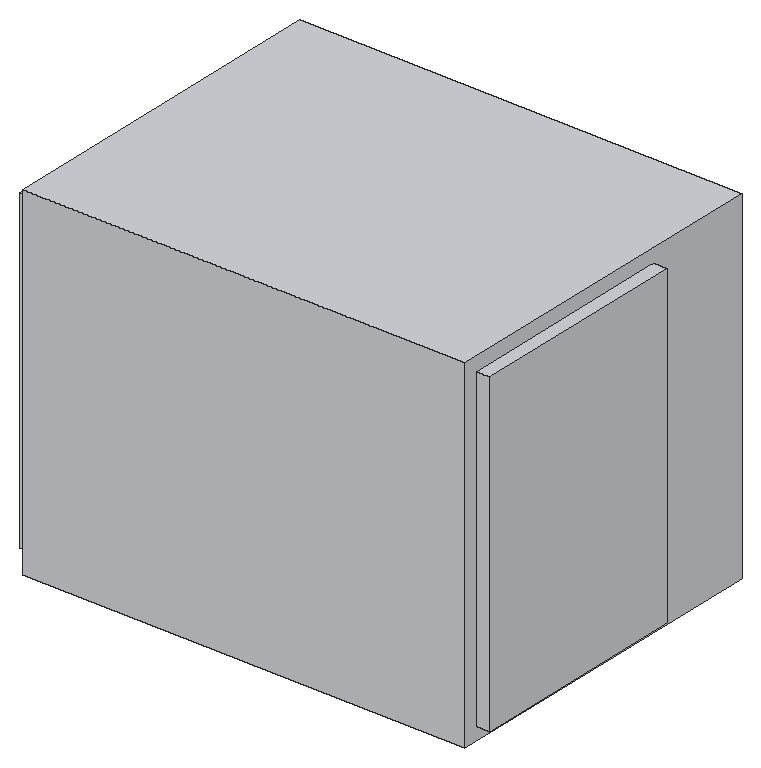
Revit family "M_Filtro AHU - Painel - Ângulo", category Equipamento mecânico, Revit 2019
Family settings
  Cota do conector redondo = Utilizar diâmetro
  Tipo de parte = Normal
  Número OmniClass = 23.75.35.14
  Título OmniClass = Air Handling Units
  ID de item do Seek = AHU Filter - Panel - Angle-0000-CAN-ENU
  Com base no plano de trabalho = Não
  Sempre na vertical = Sim
  Corte com vazios quando carregada = Não
  Compartilhado = Não
  Ponto de cálculo do ambiente = Não
Parameters (values of type "Para 0,3 metros quadrados de serpentina")
  Queda de pressão [instance] = 35.0 Pa
  Largura do filtro = 635 mm
  Material do filtro = none
  Comprimento do filtro = 812.8 mm
  Altura do filtro = 635 mm
  Largura do duto = 800 mm
  Altura do duto = 625 mm
  Velocidade do ar [instance] = 2.54 m/s
  Fluxo de ar [instance] = Velocidade do ar * Altura do duto * Largura do duto  # 1270.0 L/s
Types (17, lengths in mm): name | Largura do filtro | Comprimento do filtro | Altura do filtro | Largura do duto | Altura do duto | Fluxo de ar
  (no name) | 635 | 812.8 | 635 | 800 | 625 | 1270.0 L/s
  Para 0,3 metros quadrados de serpentina | 635 | 812.8 | 635 | 800 | 625 | 1270.0 L/s
  Para 9,3 metros quadrados de serpentina | 762 | 3861 | 3048 | 3850 | 3000 | 29337.0 L/s
  Para 0,6 metros quadrados de serpentina | 711 | 1118 | 711 | 1100 | 700 | 1955.8 L/s
  Para 0,7 metros quadrados de serpentina | 813 | 1219 | 813 | 1200 | 800 | 2438.4 L/s
  Para 0,9 metros quadrados de serpentina | 864 | 1524 | 864 | 1500 | 850 | 3238.5 L/s
  Para 1,1 metros quadrados de serpentina | 864 | 1626 | 965 | 1600 | 950 | 3860.8 L/s
  Para 1,3 metros quadrados de serpentina | 864 | 1727 | 1016 | 1700 | 1000 | 4318.0 L/s
  Para 1,6 metros quadrados de serpentina | 864 | 1880 | 1118 | 1850 | 1100 | 5168.9 L/s
  Para 2,0 metros quadrados de serpentina | 864 | 1930 | 1270 | 1900 | 1250 | 6032.5 L/s
  Para 2,3 metros quadrados de serpentina | 1016 | 1981 | 1422 | 1950 | 1400 | 6934.2 L/s
  Para 2,8 metros quadrados de serpentina | 1016 | 2337 | 1422 | 2300 | 1400 | 8178.8 L/s
  Para 3,3 metros quadrados de serpentina | 1219 | 2438 | 1575 | 2400 | 1550 | 9448.8 L/s
  Para 3,7 metros quadrados de serpentina | 1219 | 2794 | 1575 | 2750 | 1550 | 10826.8 L/s
  Para 4,6 metros quadrados de serpentina | 1219 | 3048 | 1880 | 3000 | 1850 | 14097.0 L/s
  Para 6,1 metros quadrados de serpentina | 762 | 3505 | 2337 | 3500 | 2300 | 20447.0 L/s
  Para 7,4 metros quadrados de serpentina | 762 | 3505 | 2794 | 3500 | 2750 | 24447.5 L/s
Reference planes
  plane 1 "Centro (Frente/Trás)": y = 0
  plane 2: z = 0
  plane 3 "Centro (Esquerda/Direita)": x = 0
  plane 4: x = -406.4
  plane 5: x = 406.4
  plane 6: y = 635
  plane 7: z = 635
  plane 8: x = 431.8
  plane 9: x = -431.8
  plane 10: y = 431.8
  plane 11: z = 609.6
  plane 12: z = 25.4
  plane 13: y = 25.4
Forms (mm)
  Extrusion 1, solid, material <- "Material do filtro", detail levels medium+fine
    sketch origin (0, 0, 0) x (1, 0, 0) y (0, 1, 0)
      loop
        line (-406.4, 635) -> (-406.4, 0) -> (406.4, 0) -> (406.4, 635) -> (-406.4, 635)
    from 0 to 635
  Extrusion 2, solid, material <- "Material do filtro", detail levels medium+fine
    sketch origin (0, 0, 0) x (0, 1, 0) y (0, 0, 1)
      loop
        line (431.8, 609.6) -> (25.4, 609.6) -> (25.4, 25.4) -> (431.8, 25.4) -> (431.8, 609.6)
    from -431.8 to -406.4
  Extrusion 3, solid, material <- "Material do filtro", detail levels medium+fine
    sketch origin (0, 0, 0) x (0, 1, 0) y (0, 0, 1)
      loop
        line (431.8, 609.6) -> (25.4, 609.6) -> (25.4, 25.4) -> (431.8, 25.4) -> (431.8, 609.6)
    from 406.4 to 431.8
  Extrusion 4, solid, material <- "Material do filtro", detail levels coarse
    sketch origin (0, 0, 0) x (1, 0, 0) y (0, 1, 0)
      loop
        line (-431.8, 635) -> (-431.8, 0) -> (431.8, 0) -> (431.8, 635) -> (-431.8, 635)
    from 0 to 635
Cuts and joins
  joined: Extrusion 1, Extrusion 2, Extrusion 3
Lines and regions (mm)
  symbolic lines, detail levels coarse
    curve 1: line (-431.8, 635, 0) -> (-431.8, 0, 0)
    curve 2: line (-431.8, 635, 0) -> (431.8, 635, 0)
    curve 3: line (431.8, 635, 0) -> (431.8, 0, 0)
    curve 4: line (-431.8, 0, 0) -> (431.8, 0, 0)
  symbolic lines, detail levels medium+fine
    curve 5: line (-431.8, 431.8, 0) -> (-431.8, 25.4, 0)
    curve 6: line (-431.8, 431.8, 0) -> (-406.4, 431.8, 0)
    curve 7: line (-431.8, 25.4, 0) -> (-406.4, 25.4, 0)
    curve 8: line (-406.4, 635, 0) -> (406.4, 635, 0)
    curve 9: line (406.4, 635, 0) -> (406.4, 0, 0)
    curve 10: line (431.8, 431.8, 0) -> (431.8, 25.4, 0)
    curve 11: line (406.4, 431.8, 0) -> (431.8, 431.8, 0)
    curve 12: line (406.4, 25.4, 0) -> (431.8, 25.4, 0)
    curve 13: line (-406.4, 635, 0) -> (-406.4, 0, 0)
    curve 14: line (-406.4, 0, 0) -> (406.4, 0, 0)
Dimensions and locks
  equal spacing: plane 4, plane 3 "Centro (Esquerda/Direita)", plane 5
  "Comprimento do filtro": plane 4 to plane 5
  "Largura do filtro": plane 1 "Centro (Frente/Trás)" to plane 6
  "Altura do filtro": plane 7 to plane 2
  locked: plane 5 to plane 8 at 25.4
  locked: plane 9 to plane 4 at 25.4
  locked: plane 12 to plane 2 at 25.4
  locked: plane 7 to plane 11 at 25.4
  locked: plane 6 to plane 10 at 203.2
  locked: plane 13 to plane 1 "Centro (Frente/Trás)" at 25.4
  aligned and locked: plane 4 to Extrusion 1 sketch curve
  aligned and locked: Extrusion 1 sketch curve to plane 6
  aligned and locked: plane 1 "Centro (Frente/Trás)" to Extrusion 1 sketch curve
  aligned and locked: Extrusion 1 sketch curve to plane 5
  aligned and locked: Extrusion 1 to plane 2
  aligned and locked: plane 7 to Extrusion 1
  aligned and locked: plane 10 to Extrusion 2 sketch curve
  aligned and locked: plane 11 to Extrusion 2 sketch curve
  aligned and locked: plane 12 to Extrusion 2 sketch curve
  aligned and locked: plane 13 to Extrusion 2 sketch curve
  aligned and locked: Extrusion 2 to plane 9
  aligned and locked: plane 4 to Extrusion 2
  aligned and locked: Extrusion 3 sketch curve to plane 11
  aligned and locked: plane 10 to Extrusion 3 sketch curve
  aligned and locked: plane 12 to Extrusion 3 sketch curve
  aligned and locked: Extrusion 3 sketch curve to plane 13
  aligned and locked: plane 8 to Extrusion 3
  aligned and locked: Extrusion 3 to plane 5
  aligned and locked: curve 3 to plane 8
  aligned and locked: plane 9 to curve 2
  aligned and locked: curve 2 to plane 6
  aligned and locked: plane 8 to curve 4
  aligned and locked: plane 9 to curve 4
  aligned and locked: plane 1 "Centro (Frente/Trás)" to curve 4
  aligned and locked: plane 10 to curve 5
  aligned and locked: plane 13 to curve 5
  aligned and locked: curve 5 to plane 9
  aligned and locked: plane 5 to curve 8
  aligned and locked: curve 8 to plane 6
  aligned and locked: plane 10 to curve 10
  aligned and locked: plane 13 to curve 10
  aligned and locked: curve 10 to plane 8
  aligned and locked: plane 10 to curve 11
  aligned and locked: plane 5 to curve 12
  aligned and locked: plane 13 to curve 12
  aligned and locked: plane 6 to curve 13
  aligned and locked: plane 1 "Centro (Frente/Trás)" to curve 13
  aligned and locked: curve 13 to plane 4
  aligned and locked: plane 4 to curve 14
  aligned and locked: plane 5 to curve 14
  aligned and locked: plane 1 "Centro (Frente/Trás)" to curve 14
  aligned and locked: Extrusion 4 sketch curve to curve 1
  aligned and locked: Extrusion 4 sketch curve to curve 2
  aligned and locked: curve 4 to Extrusion 4 sketch curve
  aligned and locked: Extrusion 4 sketch curve to curve 3
  aligned and locked: plane 7 to Extrusion 4
  aligned and locked: Extrusion 4 to level
Automatic sketch dimensions
  curve 8 to plane 4 = 0 mm
Connectors
  hvac at (0, 0, 317.5), driven by "Altura do duto", driven by "Largura do duto", driven by "Fluxo de ar"
    settings: on Extrusion 1, index 1, duct flow 1270.0 L/s, flow factor 0, pres drop 0.0 Pa, loss coef 0, conn angle 0.00°, conn width 800 mm, conn height 625 mm, conn diameter 609.6 mm, duct sys type 1, conn prof type 1, flow config 0, flow direction 0, loss method 0, conn ref index 2, conn util no, is conn primary yes, conn desc ""
  hvac at (0, 635, 317.5), driven by "Queda de pressão", driven by "Altura do duto", driven by "Largura do duto", driven by "Fluxo de ar"
    settings: on Extrusion 1, index 2, duct flow 1270.0 L/s, flow factor 0, pres drop 35.0 Pa, loss coef 0, conn angle 0.00°, conn width 800 mm, conn height 625 mm, conn diameter 609.6 mm, duct sys type 1, conn prof type 1, flow config 0, flow direction 0, loss method 4, conn ref index 1, conn util no, is conn primary no, conn desc ""
